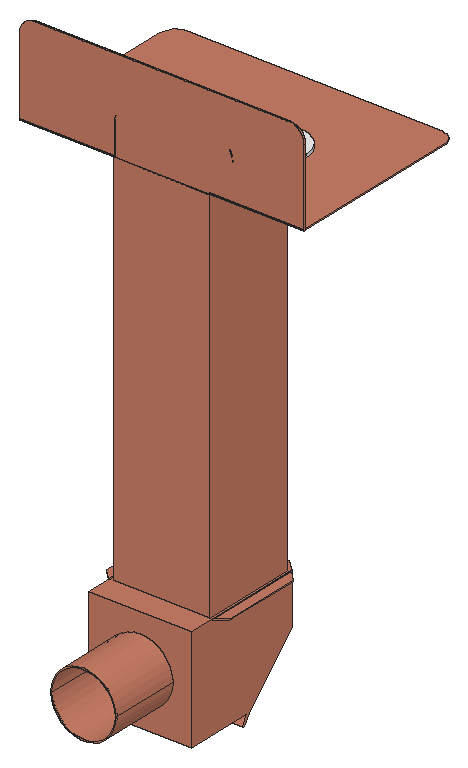
Revit family "Plumbing_Drainage_Menzies-Metal_Clamp-Tite_Copper-Box-Scupper", category Plumbing Fixtures, host Face, Revit 2015
Parameters (values of type "3" downspout")
  Weight = 4.40 lbf
  URL = "https://www.menzies-metal.com/"
  Strainer Note [instance] = "Strainer kit sold separately."  # constant formula
  Strainer Kit [instance] = No Strainer Kit : None
  Product data url = "https://bimobject.com/menzies-metal/product/clamptite-boxscupper-copper"
  Product Material = Metal - Menzies Metal Products - Copper
  Product Guid = "62cc6d37-6fa5-4181-b417-9199a338592b"
  Pipe Diameter = 2 3/4"  # constant formula
  Model = "300-3063"
  Manufacturer = "Menzies Metal Products"  # constant formula
  Edition number = 1
  Drain Flow = 0 GPM
  Description = "\"Clamp-Tite Copper Box Scupper\""
  Default Elevation = 4' - 0"
  Box Length Note = "Cut to suit wall depth."  # constant formula
  Box Length = 1' - 5"
  Assembly Code = "D2040200"
Types (2): name | Weight | Strainer Kit | Model
  3" downspout | 4.40 lbf | No Strainer Kit : None | "300-3063"
  3" downspout w/ strainer kit | 5.00 lbf | Plumbing_Drainage_Menzies-Metal_Strainer-Kit-for-Box-Scupper : Strainer Kit for Clamp-TiteBox Scupper | "300-3063 & 300-3199"
Reference planes (in)
  plane 1 "Center (Front/Back)": y = 0
  plane 2: z = 0
  plane 3 "Center (Left/Right)": x = 0
  plane 4: z = -17
  plane 5: x = -6
  plane 6: x = 6
  plane 7: x = -3
  plane 8: x = 3
Forms (in)
  Extrusion 1, solid, material "Metal - Menzies Metal Products - Copper" <- "Product Material", detail levels coarse
    sketch origin (0, 0, 0) x (1, 0, 0) y (0, 1, 0)
      loop
        line (-2.0365, 0.042) -> (2.0365, 0.042) -> (2.0365, 4.092) -> (-2.0365, 4.092) -> (-2.0365, 0.042)
    from -17 to 0
  Extrusion 2, solid, material "Metal - Menzies Metal Products - Copper" <- "Product Material", detail levels coarse
    sketch origin (0, 0, 0) x (0, 1, 0) y (0, 0, 1)
      loop
        line (0.063, 0) -> (8.094, 0) -> (8.094, 0.03125) -> (0.09425, 0.03125) -> (0.09425, 3.92) -> (0.063, 3.92) -> (0.063, 0)
    from -6 to 6
  Extrusion 3, solid, material "Metal - Menzies Metal Products - Aluminum", detail levels coarse
    sketch origin (0, 0, 0) x (0, 1, 0) y (0, 0, 1)
      loop
        line (0.209, 2.64613) -> (0.09425, 2.64613) -> (0.09425, 0.03125) -> (5.13413, 0.03125) -> (5.13413, 0.146) -> (0.209, 0.146) -> (0.209, 2.64613)
    from -3 to 3
  Extrusion 4, solid, material "Metal - Menzies Metal Products - Copper" <- "Product Material", detail levels medium+fine
    sketch origin (0, 0, 0) x (1, 0, 0) y (0, 1, 0)
      loop
        line (2.0365, 0.042) -> (2.0365, 4.092) -> (-2.0365, 4.092) -> (-2.0365, 0.042) -> (2.0365, 0.042)
      loop
        line (-2.00525, 4.06075) -> (-2.00525, 0.07325) -> (2.00525, 0.07325) -> (2.00525, 4.06075) -> (-2.00525, 4.06075)
    from -17 to 0
  Extrusion 5, solid, material "Metal - Menzies Metal Products - Copper" <- "Product Material", detail levels medium+fine
    sketch origin (0, 0, 0) x (1, 0, 0) y (0, 0, 1)
      loop
        arc (-5.375, 3.92) -> (-5.81694, 3.73694) -> (-6, 3.295) r 0.625
        line (-6, 3.295) -> (-6, 0) -> (6, 0) -> (6, 3.295)
        arc (6, 3.295) -> (5.81694, 3.73694) -> (5.375, 3.92) r 0.625
        line (5.375, 3.92) -> (-5.375, 3.92)
    from -0.09425 to -0.063
  Extrusion 6, solid, material "Metal - Menzies Metal Products - Copper" <- "Product Material", detail levels medium+fine
    sketch origin (0, 0, 0) x (1, 0, 0) y (0, 1, 0)
      loop
        line (-6, 0.063) -> (-2, 0.063) -> (-2, 4.06075) -> (2, 4.06075) -> (2, 0.063) -> (6, 0.063) -> (6, 7.469)
        arc (6, 7.469) -> (5.81694, 7.91094) -> (5.375, 8.094) r 0.625
        line (5.375, 8.094) -> (-5.375, 8.094)
        arc (-5.375, 8.094) -> (-5.81694, 7.91094) -> (-6, 7.469) r 0.625
        line (-6, 7.469) -> (-6, 0.063)
    from 0 to 0.03125
  Extrusion 7, solid, material "Metal - Menzies Metal Products - Aluminum", detail levels medium+fine
    sketch origin (0, 0, 0) x (1, 0, 0) y (0, 1, 0)
      loop
        arc (-1.75, 5.13413) -> (-2.63388, 4.76802) -> (-3, 3.88413) r 1.25
        line (-3, 3.88413) -> (-3, 0.209) -> (-1.99927, 0.209)
        arc (-1.99927, 0.209) -> (-1.93738, 0.39363) -> (-1.76181, 0.47785) r 0.25
        arc (-1.76181, 0.47785) -> (-1.48721, 0.60318) -> (-1.375, 0.8834) r 0.406
        line (-1.375, 0.8834) -> (-1.375, 1.38486)
        arc (-1.375, 1.38486) -> (-1.48721, 1.66508) -> (-1.76181, 1.79041) r 0.406
        arc (-1.76181, 1.79041) -> (-1.93091, 1.86758) -> (-2, 2.04013) r 0.25
        line (-2, 2.04013) -> (-2, 3.88413)
        arc (-2, 3.88413) -> (-1.92678, 4.06091) -> (-1.75, 4.13413) r 0.25
        line (-1.75, 4.13413) -> (-0.656, 4.13413)
        arc (-0.656, 4.13413) -> (-0.47922, 4.06091) -> (-0.406, 3.88413) r 0.25
        line (-0.406, 3.88413) -> (-0.406, 3.45013)
        arc (-0.406, 3.45013) -> (0.00001, 3.04413) -> (0.40601, 3.45013) r 0.40601
        line (0.40601, 3.45013) -> (0.40601, 3.88411)
        arc (0.40601, 3.88411) -> (0.47923, 4.06087) -> (0.65599, 4.13409) r 0.24998
        line (0.65599, 4.13409) -> (1.74992, 4.13409)
        arc (1.74992, 4.13409) -> (1.92664, 4.06089) -> (1.99983, 3.88417) r 0.24992
        line (1.99983, 3.88417) -> (1.99983, 2.04036)
        arc (1.99983, 2.04036) -> (1.93066, 1.86778) -> (1.76145, 1.79076) r 0.24986
        arc (1.76145, 1.79076) -> (1.48624, 1.66537) -> (1.37376, 1.38464) r 0.40656
        line (1.37376, 1.38464) -> (1.37376, 0.88115)
        arc (1.37376, 0.88115) -> (1.48625, 0.59972) -> (1.76174, 0.47336) r 0.40829
        arc (1.76174, 0.47336) -> (1.93615, 0.39066) -> (2.0014, 0.209) r 0.25288
        line (2.0014, 0.209) -> (3, 0.209) -> (3, 3.88413)
        arc (3, 3.88413) -> (2.63388, 4.76802) -> (1.75, 5.13413) r 1.25
        line (1.75, 5.13413) -> (-1.75, 5.13413)
    from 0.021 to 0.146
  Extrusion 8, solid, material "Metal - Menzies Metal Products - Aluminum", detail levels medium+fine
    sketch origin (0, 0, 0) x (1, 0, 0) y (0, 0, 1)
      loop
        arc (-1.75, 2.64613) -> (-2.63388, 2.28002) -> (-3, 1.39613) r 1.25
        line (-3, 1.39613) -> (-3, 0.03125) -> (-2, 0.03125) -> (-2, 1.39613)
        arc (-2, 1.39613) -> (-1.92678, 1.57291) -> (-1.75, 1.64613) r 0.25
        line (-1.75, 1.64613) -> (1.75, 1.64613)
        arc (1.75, 1.64613) -> (1.92678, 1.57291) -> (2, 1.39613) r 0.25
        line (2, 1.39613) -> (2, 0.03125) -> (3, 0.03125) -> (3, 1.39613)
        arc (3, 1.39613) -> (2.63388, 2.28002) -> (1.75, 2.64613) r 1.25
        line (1.75, 2.64613) -> (-1.75, 2.64613)
    from -0.209 to -0.084
  Extrusion 9, void
    sketch origin (0, 0, 0) x (1, 0, 0) y (0, 1, 0)
      loop
        line (2.0365, 4.092) -> (-2.0365, 4.092) -> (-2.0365, 0.042) -> (2.0365, 0.042) -> (2.0365, 4.092)
    from -17 to 0
Lines and regions (in)
  Masking region 1
    outline origin (0, 0, 0) x (1, 0, 0) y (0, 0, 1)
      loop
        arc (-5.375, 3.92) -> (-5.81694, 3.73694) -> (-6, 3.295) r 0.625
        line (-6, 3.295) -> (-6, 0) -> (-2.0365, 0) -> (-2.0365, -16) -> (2.0365, -16) -> (2.0365, 0) -> (6, 0) -> (6, 3.295)
        arc (6, 3.295) -> (5.81694, 3.73694) -> (5.375, 3.92) r 0.625
        line (5.375, 3.92) -> (-5.375, 3.92)
  symbolic lines, detail levels medium+fine
    curve 1: line (-6, 0, 0) -> (6, 0, 0)
    curve 2: line (6, 0, 0.03125) -> (-6, 0, 0.03125)
Dimensions and locks (in)
  "Box Length": host face to plane 4
  Extrusion 1 sketch curve to plane 3 "Center (Left/Right)" to Extrusion 1 sketch curve = 0' - 2.0365" locked, 0' - 2.0365" locked
  plane 1 "Center (Front/Back)" to Extrusion 1 sketch curve to Extrusion 1 sketch curve = 0' - 0.042" locked, 0' - 4.05" locked
  Extrusion 2 sketch curve to Extrusion 2 sketch curve to Extrusion 2 sketch curve to plane 1 "Center (Front/Back)" = 0' - 7.99975" locked, 0' - 0 1/32" locked, 0' - 0.063" locked
  Extrusion 2 sketch curve to Extrusion 2 sketch curve to level to Extrusion 2 sketch curve = 0' - 3.88875" locked, 0' - 0 1/32" locked, 0' - 0" locked
  equal spacing: plane 6, plane 3 "Center (Left/Right)", plane 5
  locked: plane 5 to plane 6 at 12
  Extrusion 3 sketch curve to Extrusion 3 sketch curve to Extrusion 2 to plane 1 "Center (Front/Back)" = 0' - 4.92513" locked, 0' - 0.11475" locked, 0' - 0.09425" locked
  Extrusion 3 sketch curve to Extrusion 3 sketch curve to Extrusion 3 sketch curve to plane 2 = 0' - 2.50013" locked, 0' - 0.11475" locked, 0' - 0 1/32" locked
  plane 8 to plane 3 "Center (Left/Right)" to plane 7 = 0' - 3" locked, 0' - 3" locked
  locked: plane 1 "Center (Front/Back)" to nested 1 at 4.06625
  equal spacing: Extrusion 6 sketch curve, plane 3 "Center (Left/Right)", Extrusion 6 sketch curve, locked at 2 each
  locked: Extrusion 6 sketch curve to plane 3 "Center (Left/Right)" at 2
  locked: Masking region 1 sketch curve to plane 4 at 1
  aligned and locked: plane 2 to host face
  aligned and locked: level to host face
  aligned and locked: Extrusion 1 to plane 4
  aligned and locked: plane 2 to Extrusion 1
  aligned and locked: plane 5 to Extrusion 2
  aligned and locked: Extrusion 2 to plane 6
  aligned and locked: plane 7 to Extrusion 3
  aligned and locked: Extrusion 3 to plane 8
  aligned and locked: plane 4 to nested 1
  aligned and locked: nested 1 to plane 3 "Center (Left/Right)"
  aligned and locked: host face to Extrusion 4
  aligned and locked: Extrusion 4 to plane 4
  aligned and locked: Extrusion 2 to Extrusion 5 sketch curve  (x2)
  aligned and locked: Extrusion 5 sketch curve to Extrusion 2
  aligned and locked: host face to Extrusion 5 sketch curve
  aligned and locked: Extrusion 5 to Extrusion 2  (x2)
  aligned and locked: Extrusion 6 sketch curve to plane 5
  aligned and locked: Extrusion 6 sketch curve to plane 6
  aligned and locked: Extrusion 2 to Extrusion 6 sketch curve
  aligned and locked: Extrusion 6 sketch curve to Extrusion 2
  aligned and locked: Extrusion 6 to Extrusion 2
  aligned and locked: Extrusion 2 to plane 2
  aligned and locked: Extrusion 8 to Extrusion 3
  aligned and locked: Masking region 1 sketch curve to Extrusion 5  (x3)
  aligned and locked: host face to Masking region 1 sketch curve  (x2)
  aligned and locked: Extrusion 4 to Masking region 1 sketch curve
  aligned and locked: Masking region 1 sketch curve to Extrusion 4
  aligned and locked: curve 1 to Extrusion 6
  aligned and locked: curve 2 to Extrusion 6
  aligned and locked: Extrusion 9 sketch curve to Extrusion 4  (x4)
  aligned and locked: Extrusion 9 to plane 4
  aligned and locked: level to Extrusion 9
Automatic sketch dimensions
  host sketch curve to host sketch curve = 8' - 0"  (x2)
  Extrusion 3 sketch curve to plane 1 "Center (Front/Back)" = 0' - 0.09425"
  plane 8 to Extrusion 4 sketch curve = 0' - 0.9635"
  Extrusion 4 sketch curve to plane 1 "Center (Front/Back)" = 0' - 4.092"
  Extrusion 4 sketch curve to plane 7 = 0' - 0.9635"
  Extrusion 4 sketch curve to plane 1 "Center (Front/Back)" = 0' - 0.042"
  Extrusion 4 sketch curve to Extrusion 4 sketch curve = 0' - 0 1/32"  (x4)
  Extrusion 5 sketch curve to plane 5 = 0' - 0 5/8"
  Extrusion 5 sketch curve to Extrusion 5 sketch curve = 0' - 0 5/8"
  Extrusion 6 sketch curve to Extrusion 6 sketch curve = 0' - 0 5/8"
  plane 6 to Extrusion 6 sketch curve = 0' - 0 5/8"
  Extrusion 6 sketch curve to Extrusion 6 sketch curve = 0' - 0"  (x2)
  Extrusion 6 sketch curve to Extrusion 6 sketch curve = 0' - 3.99775"
  Extrusion 7 sketch curve to Extrusion 7 sketch curve = 0' - 0"  (x3)
  Extrusion 7 sketch curve to plane 7 = 0' - 1"
  Extrusion 7 sketch curve to plane 1 "Center (Front/Back)" = 0' - 0.209"  (x2)
  Extrusion 7 sketch curve to plane 7 = 0' - 1.00073"
  Extrusion 7 sketch curve to Extrusion 7 sketch curve = 0' - 0.21827"
  Extrusion 7 sketch curve to Extrusion 7 sketch curve = 0' - 0.24927"
  Extrusion 7 sketch curve to Extrusion 7 sketch curve = 0' - 0 1/4"  (x2)
  Extrusion 7 sketch curve to Extrusion 7 sketch curve = 0' - 0.406"
  Extrusion 7 sketch curve to plane 3 "Center (Left/Right)" = 0' - 0.656"
  Extrusion 7 sketch curve to plane 3 "Center (Left/Right)" = 0' - 0.406"
  plane 3 "Center (Left/Right)" to Extrusion 7 sketch curve = 0' - 0"
  Extrusion 7 sketch curve to Extrusion 7 sketch curve = 0' - 0.24998"
  plane 3 "Center (Left/Right)" to Extrusion 7 sketch curve = 0' - 1.37376"
  Extrusion 7 sketch curve to Extrusion 7 sketch curve = 0' - 0.37504"
  Extrusion 7 sketch curve to Extrusion 7 sketch curve = 0' - 0.37621"
  Extrusion 7 sketch curve to Extrusion 7 sketch curve = 0' - 0.00008"
  Extrusion 7 sketch curve to Extrusion 7 sketch curve = 0' - 0.40656"
  Extrusion 7 sketch curve to Extrusion 7 sketch curve = 0' - 0.40829"
  Extrusion 7 sketch curve to Extrusion 7 sketch curve = 0' - 0.24983"
  Extrusion 7 sketch curve to plane 1 "Center (Front/Back)" = 0' - 0.22082"
  Extrusion 7 sketch curve to plane 1 "Center (Front/Back)" = 0' - 0.22813"
  Extrusion 7 sketch curve to Extrusion 7 sketch curve = 0' - 0.66033"
  Extrusion 7 sketch curve to Extrusion 7 sketch curve = 0' - 0.65527"  (x2)
  Extrusion 7 sketch curve to Extrusion 7 sketch curve = 0' - 0.50349"
  Extrusion 7 sketch curve to Extrusion 7 sketch curve = 0' - 0.50147"
  Extrusion 7 sketch curve to Extrusion 7 sketch curve = 0' - 0.65572"
  Extrusion 7 sketch curve to Extrusion 7 sketch curve = 0' - 1.40977"
  Extrusion 7 sketch curve to Extrusion 7 sketch curve = 0' - 0.43398"
  Extrusion 7 sketch curve to Extrusion 7 sketch curve = 0' - 0.434"
  Extrusion 7 sketch curve to Extrusion 7 sketch curve = 0' - 0.01294"
  Extrusion 7 sketch curve to plane 7 = 0' - 0"
  Extrusion 7 sketch curve to Extrusion 7 sketch curve = 0' - 0.00004"
  Extrusion 7 sketch curve to plane 8 = 0' - 0"
  Extrusion 8 sketch curve to Extrusion 8 sketch curve = 0' - 0"  (x4)
  plane 8 to Extrusion 8 sketch curve = 0' - 0"
  Extrusion 8 sketch curve to plane 7 = 0' - 1"
  Extrusion 8 sketch curve to Extrusion 8 sketch curve = 0' - 0 1/4"  (x2)
  level to Extrusion 8 sketch curve = 0' - 0 1/32"  (x2)
  Extrusion 8 sketch curve to Extrusion 8 sketch curve = 0' - 1.36488"
  plane 7 to Extrusion 8 sketch curve = 0' - 0"
Nested families (in)
  nested 1: "Catch Box" at (0, -0.03125, -16) x (1, 0, 0) z (0, 0, -1), type "Catch Box"
  nested 2: "No Strainer Kit" at (0, 0.084, 0) x (0, 1, 0) z (0, 0, 1), type <- "Strainer Kit", type "None"
Connectors (in)
  piping at (0, -4.06625, -18.2), diameter 2.75, driven by "Drain Flow", driven by "Pipe Diameter"
    settings: on nested 1, index 1, connector inside diameter 24", connector length 0' - 0", flow factor 0, pipe flow 0 GPM, pressure drop 0.00 psi, fitting loss kfactor 0, connector angle 0.00°, fixture units 0, engagement length 0' - 0", angle of deflection 0.00°, flow configuration 0, flow direction 2, fitting loss method 0, system type 22, joint type 0, gender type 0, connector reference index -1, connector utility 0, adjustable connector no, is connector primary yes, connector description "Drain Pipe Connection"
Definition of nested family "Catch Box"
  Parameters (values of type "Catch Box")
    Material = none
    Default Elevation = 4' - 0"
  Reference planes (in)
    plane 1 "Center (Front/Back)": y = 0
    plane 2: z = 0
    plane 3 "Center (Left/Right)": x = 0
    plane 4: z = 1
    plane 5: y = -4.035
    plane 6: x = -2.17
    plane 7: x = 2.17
  Forms (in)
    Extrusion 1, solid, material <- "Material"
      sketch origin (0, 0, 0) x (0, 1, 0) y (0, 0, 1)
        loop
          line (-1.06, 0) -> (4.694, 0) -> (4.694, 0.03125) -> (4.22, 0.03125) -> (4.22, 2.12355) -> (1.93515, 4.40841) -> (1.70103, 4.81391) -> (1.65258, 4.78595) -> (1.87541, 4.4) -> (-1.06, 4.4) -> (-1.06, 0)
      from -2.17 to 2.17
    Extrusion 2, solid, material <- "Material", detail levels coarse
      sketch origin (0, 0, 0) x (1, 0, 0) y (0, 0, 1)
        loop
          circle (0, 2.2) r 1.375
      from 1.06 to 4.035
    Extrusion 3, solid, material <- "Material"
      sketch origin (0, 0, 0) x (1, 0, 0) y (0, 1, 0)
        loop
          line (-2.614, 3.72) -> (-2.614, 0.465) -> (-2.17, 0.021) -> (-2.17, 4.164) -> (-2.614, 3.72)
        loop
          line (2.614, 3.72) -> (2.17, 4.164) -> (2.17, 0.021) -> (2.614, 0.465) -> (2.614, 3.72)
      from 0 to 0.03125
    Extrusion 4, solid, material <- "Material", detail levels medium+fine
      sketch origin (0, 0, 0) x (1, 0, 0) y (0, 0, 1)
        loop
          circle (0, 2.2) r 1.375
        loop
          circle (0, 2.2) r 1.33984
      from 1.06 to 4.035
    Extrusion 5, void
      sketch origin (0, 0, 0) x (1, 0, 0) y (0, 1, 0)
        loop
          line (-1.64, 4.694) -> (-2.17, 4.694) -> (-2.17, 4.164) -> (-1.64, 4.694)
        loop
          line (2.17, 4.2) -> (2.17, 4.694) -> (1.676, 4.694) -> (2.17, 4.2)
      from 0 to 12
  Cuts and joins
    Extrusion 5 cuts Extrusion 1
  Lines and regions (in)
    Masking region 1
      outline origin (0, 0, 0) x (1, 0, 0) y (0, 0, 1)
        loop
          line (-2.17, 4.81391) -> (-2.17, 0.03125) -> (-2.614, 0.03125) -> (-2.614, 0) -> (2.614, 0) -> (2.614, 0.03125) -> (2.17, 0.03125) -> (2.17, 4.81391) -> (-2.17, 4.81391)
    symbolic lines, detail levels medium+fine
      curve 1: line (2.17, 0, 4.4) -> (-2.17, 0, 4.4)
      curve 2: line (2.17, 0, 0.03125) -> (-2.17, 0, 0.03125)
  Dimensions and locks (in)
    locked: plane 4 to level at 1
    locked: plane 1 "Center (Front/Back)" to plane 5 at 4.035
    equal spacing: plane 7, plane 3 "Center (Left/Right)", plane 6, locked at 2.17 each
    locked: plane 7 to plane 6 at 4.34
    Extrusion 2 sketch curve to plane 3 "Center (Left/Right)" to Extrusion 2 sketch curve = 0' - 1 3/8" locked, 0' - 1 3/8" locked
    locked: Extrusion 2 sketch curve to level at 0.825
    aligned and locked: plane 2 to level
    aligned and locked: Extrusion 1 to plane 6
    aligned and locked: Extrusion 1 to plane 7
    aligned and locked: Extrusion 2 to Extrusion 1
    aligned and locked: plane 5 to Extrusion 2
    aligned and locked: Extrusion 3 to level
    aligned and locked: Extrusion 3 to Extrusion 1
    aligned and locked: Extrusion 4 sketch curve to Extrusion 2  (x2)
    aligned and locked: Extrusion 4 to Extrusion 1
    aligned and locked: plane 5 to Extrusion 4
    aligned and locked: plane 7 to Extrusion 5 sketch curve
    aligned and locked: Extrusion 5 sketch curve to plane 6
    aligned and locked: Extrusion 5 sketch curve to Extrusion 1
    aligned and locked: Extrusion 1 to Extrusion 5 sketch curve
    aligned and locked: Masking region 1 sketch curve to cut or joined group of Extrusion 1, Extrusion 5  (x3)
    aligned and locked: cut or joined group of Extrusion 1, Extrusion 5 to Masking region 1 sketch curve
    aligned and locked: Masking region 1 sketch curve to Extrusion 3  (x2)
    aligned and locked: Extrusion 3 to Masking region 1 sketch curve
    aligned and locked: curve 1 to cut or joined group of Extrusion 1, Extrusion 5
    aligned and locked: curve 2 to cut or joined group of Extrusion 1, Extrusion 5
  Automatic sketch dimensions
    Extrusion 1 sketch curve to level = 0' - 0"
    plane 1 "Center (Front/Back)" to Extrusion 1 sketch curve = 0' - 1.06"
    Extrusion 1 sketch curve to plane 1 "Center (Front/Back)" = 0' - 1.87541"
    plane 4 to Extrusion 1 sketch curve = 0' - 1.12355"
    Extrusion 1 sketch curve to Extrusion 1 sketch curve = 0' - 2.28485"
    level to Extrusion 1 sketch curve = 0' - 0 1/32"
    Extrusion 1 sketch curve to Extrusion 1 sketch curve = 0' - 0.474"
    plane 4 to Extrusion 1 sketch curve = 0' - 3.4"
    Extrusion 1 sketch curve to Extrusion 1 sketch curve = 0' - 0.00841"
    Extrusion 1 sketch curve to Extrusion 1 sketch curve = 0' - 0.22283"
    Extrusion 1 sketch curve to Extrusion 1 sketch curve = 0' - 0.04844"
    Extrusion 1 sketch curve to Extrusion 1 sketch curve = 0' - 0.02797"
    Extrusion 3 sketch curve to plane 6 = 0' - 0"
    Extrusion 3 sketch curve to plane 7 = 0' - 0"
    Extrusion 3 sketch curve to plane 6 = 0' - 0.444"
    Extrusion 3 sketch curve to plane 7 = 0' - 0.444"
    Extrusion 3 sketch curve to plane 1 "Center (Front/Back)" = 0' - 0.021"  (x2)
    Extrusion 3 sketch curve to plane 1 "Center (Front/Back)" = 0' - 0.465"  (x2)
    Extrusion 3 sketch curve to Extrusion 3 sketch curve = 0' - 3.255"  (x2)
    Extrusion 3 sketch curve to Extrusion 3 sketch curve = 0' - 0.444"  (x2)
    Extrusion 4 sketch curve to Extrusion 4 sketch curve = 0' - 0"  (x2)
    Extrusion 5 sketch curve to Extrusion 5 sketch curve = 0' - 0"  (x2)
    Extrusion 5 sketch curve to Extrusion 5 sketch curve = 0' - 0.53"  (x2)
    plane 7 to Extrusion 5 sketch curve = 0' - 0.494"
    Extrusion 5 sketch curve to Extrusion 5 sketch curve = 0' - 0.494"
    level to Masking region 1 sketch curve = 0' - 0 1/32"
    curve 1 to plane 6 = 0' - 0"
    curve 2 to plane 6 = 0' - 0"
    curve 1 to plane 7 = 0' - 0"
    level to curve 2 = 0' - 0 1/32"
    plane 7 to curve 2 = 0' - 0"
    plane 4 to curve 1 = 0' - 3.4"
    radius of Extrusion 4 sketch curve = 0' - 1 87/256"
Definition of nested family "No Strainer Kit"
  Reference planes (in)
    plane 1 "Center (Front/Back)": y = 0
    plane 2: z = 0
    plane 3 "Center (Left/Right)": x = 0
  Dimensions and locks (in)
    aligned and locked: level to plane 2
